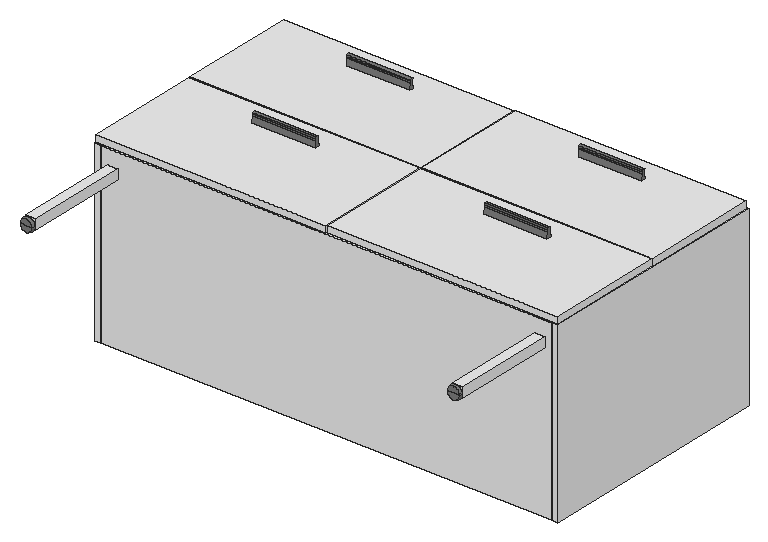
Revit family "WashbasinUnit-120cm-With2Drawers-Vitra-MiaSeries-66078+66079+66098", category Furniture Systems, host Face, Revit 2017
Family settings
  Host = Face
  Round Connector Dimension = Use Diameter
  Part Type = Normal
  OmniClass Number = 23.40.00.00
  OmniClass Title = Equipment and Furnishings
  Cut with Voids When Loaded = No
  Shared = Yes
  Room Calculation Point = No
Parameters (values of type "WashbasinUnit-120cm-With2Drawers-Vitra-MiaSeries-66078")
  Youtube = "https://www.youtube.com/user/VitrAglobal"
  Weight Net (kg) = ""
  Warranty Period (Year) = "2"
  Uniformat II Description = "FURNISHINGS"
  Uniformat II Code = "E20"
  Uniclass 2015 Name = "Wash basins, sinks and troughs"
  Uniclass 2015 Code = "Pr_40_20_93"
  Uniclass 2.0 Description = "Bathroom Cabinets"
  Uniclass 2.0 Code = "PR-35-75-08"
  Uniclass 1.4 Description = "Bathroom Cabinets"
  Uniclass 1.4 Code = "L8241"
  URL = "https://vitraglobal.com/"
  UNSPSC Description = "Bathroom Cabinets"
  UNSPSC Code = "301815"
  Technical description = "https://vitraglobal.com/"
  Tap hole Options (default) = ""
  Specification = ""
  Secondary Material = Metal
  Region South America = "All"
  Region Oceania = "All"
  Region North America = "All"
  Region Middle East = "All"
  Region Europe = "All"
  Region Asia = "All"
  Region Antarctica = "All"
  Region Africa = "All"
  Product url = "https://vitraglobal.com/"
  Product manual = ""
  Product group = "Washbasin Unit"
  Product family = "Mia"
  Product data url = ""
  Product certification = "https://www.vitraglobal.com/brochures/"
  Product SKU = "66078"
  Product Guid = ""
  Primary Material = High Gloss White
  OmniClass Description = "Bathroom Cabinets"
  OmniClass Code = "23-31 25 13"
  Nominal Width (mm) = 1160 mm
  Nominal Height (mm) = 865 mm
  Nominal Depth (mm) = 401.975 mm
  NBS Referans Description = "Bathroom Cabinets"
  NBS Referans Code = "35-75-08"
  Mounting type = "Wall-Hung"
  Model = "66078"
  Masterformat 2014 Description = "Bathroom Unit Modules"
  Masterformat 2014 Code = "13 42 13"
  Manufacturer name = "VitrA"
  Manufacturer = "VitrA"
  Main Material = "Wood"
  Installation instructions = ""
  IFC Classification = "Furniture"
  EAN code = ""
  Design country = "Turkey"
  Description = "Mia Washbasin Unit - 120cm"
  Default Elevation = 580 mm
  Color = "High Gloss White"
  COBIe Type Category = ""
  Brand = "VitrA"
  BIMobject category = "Bathroom compound units"
  Article No. (default) = "66078"
  Accessories (default) = ""
Types (3, lengths in mm): name | Product SKU | Primary Material | Model | Color | Article No. (default)
  WashbasinUnit-120cm-With2Drawers-Vitra-MiaSeries-66078 | "66078" | High Gloss White | "66078" | "High Gloss White" | "66078"
  WashbasinUnit-120cm-With2Drawers-Vitra-MiaSeries-66079 | "66079" | Cordoba | "66079" | "Cordoba" | "66079"
  WashbasinUnit-120cm-With2Drawers-Vitra-MiaSeries-66098 | "66098" | Antracit | "66098" | "Antracit" | "66098"
Reference planes
  plane 1 "Center (Front/Back)": y = 0
  plane 2: z = 0
  plane 3 "Center (Left/Right)": x = -8.77
  plane 4: y = -591.755
  plane 5: y = 273.245
  plane 6: y = -591.755
  plane 7: x = -588.77
  plane 8: x = 571.23
  plane 9: z = 485
Forms (mm)
  Extrusion 1, solid, material "High Gloss White" <- "Primary Material", detail levels fine
    sketch origin (0, 0, 0) x (1, 0, 0) y (0, 1, 0)
      loop
        line (573.23, 275.293) -> (557.23, 275.293) -> (557.23, -320.758) -> (573.23, -320.758) -> (573.23, 275.293)
      loop
        line (-574.77, 275.293) -> (-590.77, 275.293) -> (-590.77, -320.758) -> (-574.77, -320.758) -> (-574.77, 275.293)
    from 0 to 443.97
  Extrusion 2, solid, material "High Gloss White" <- "Primary Material", detail levels fine
    sketch origin (-16.77, 139.245, 221.47) x (0, 0, 1) y (1, 0, 0)
      loop
        line (-221.5, 16) -> (-221.5, 0) -> (221.5, 0) -> (221.5, 16) -> (-221.5, 16)
    from 0 to -443.5
  Extrusion 3, solid, material "High Gloss White" <- "Primary Material", detail levels fine
    sketch origin (-574.77, -320.255, 222.47) x (0, 0, 1) y (1, 0, 0)
      loop
        line (221.5, 1132) -> (-221.5, 1132) -> (-221.5, 0) -> (221.5, 0) -> (221.5, 1132)
    from 0 to 16
  Extrusion 4, solid, material "High Gloss White" <- "Primary Material", detail levels fine
    sketch origin (-8.77, 0, 0) x (0, 1, 0) y (0, 0, 1)
      loop
        line (9.285, 76.004) -> (-125.715, 76.004) -> (-125.715, 60.004) -> (9.285, 60.004) -> (9.285, 76.004)
    from 8 to 566
  Extrusion 5, solid, material "High Gloss White" <- "Primary Material", detail levels fine
    sketch origin (-588.77, 0, 0) x (0, 1, 0) y (0, 0, 1)
      loop
        line (9.285, 76.004) -> (-125.715, 76.004) -> (-125.715, 60.004) -> (9.285, 60.004) -> (9.285, 76.004)
    from 14 to 572
  Extrusion 6, solid, material "High Gloss White" <- "Primary Material", detail levels fine
    sketch origin (-8.77, 0, 0) x (0, 1, 0) y (0, 0, 1)
      loop
        line (-577.255, 406.65) -> (-577.255, 381.47) -> (-320.255, 381.47) -> (-320.255, 406.65) -> (-577.255, 406.65)
    from 523.5 to 548.5
  Extrusion 7, solid, material "High Gloss White" <- "Primary Material", detail levels fine
    sketch origin (-1082.27, 0, 0) x (0, 1, 0) y (0, 0, 1)
      loop
        line (-577.255, 406.65) -> (-577.255, 381.47) -> (-320.255, 381.47) -> (-320.255, 406.65) -> (-577.255, 406.65)
    from 525 to 550
  Revolve 8, solid, material "Metal" <- "Secondary Material", detail levels fine
    sketch origin (0, 0, 393.75) x (1, 0, 0) y (0, 1, 0)
      loop
        line (527.23, -577.255) -> (527.23, -591.755) -> (542.23, -591.755) -> (543.828, -585.794) -> (532.946, -579.255) -> (532.946, -577.255) -> (527.23, -577.255)
      axis (527.23, -577.255) -> (527.23, -591.755)
    angle from 0 to 360
  Revolve 9, solid, material "Metal" <- "Secondary Material", detail levels fine
    sketch origin (-17.539, 0, 393.75) x (-1, 0, 0) y (0, -1, 0)
      loop
        line (527.23, 577.255) -> (532.946, 577.255) -> (532.946, 579.255) -> (543.828, 585.794) -> (542.23, 591.755) -> (527.23, 591.755) -> (527.23, 577.255)
      axis (527.23, 577.255) -> (527.23, 591.755)
    angle from 0 to 360
  Extrusion 10, solid, material "High Gloss White" <- "Primary Material", detail levels fine
    sketch origin (-299.77, -318.76, 461.93) x (1, 0, 0) y (0, 1, 0.000115)
      loop
        line (289, 0) -> (289, 293) -> (-289, 293) -> (-289, 0) -> (289, 0)
      loop
        line (289, 589) -> (-289, 589) -> (-289, 296) -> (289, 296) -> (289, 589)
      loop
        line (871, 293) -> (293, 293) -> (293, 0) -> (871, 0) -> (871, 293)
      loop
        line (871, 589) -> (293, 589) -> (293, 296) -> (871, 296) -> (871, 589)
    from 0 to -16
  Extrusion 11, solid, material "Metal" <- "Secondary Material", detail levels fine
    sketch origin (-8.77, 0, 0) x (0, 1, 0) y (0, 0, 1)
      loop
        line (-80.76, 461.971) -> (-83.598, 476.805)
        arc (-83.598, 476.805) -> (-83.773, 478.964) -> (-83.478, 481.109) r 10
        line (-83.478, 481.109) -> (-82.263, 485.97) -> (-89.263, 485.97) -> (-88.047, 481.108)
        arc (-88.047, 481.108) -> (-87.752, 478.963) -> (-87.926, 476.805) r 10
        line (-87.926, 476.805) -> (-90.76, 461.969) -> (-80.76, 461.971)
    from 211.5 to 370.5
  Extrusion 12, solid, material "Metal" <- "Secondary Material", detail levels fine
    sketch origin (-8.77, 296.121, 0) x (0, 1, 0) y (0, 0, 1)
      loop
        line (-80.76, 461.971) -> (-83.598, 476.805)
        arc (-83.598, 476.805) -> (-83.773, 478.964) -> (-83.478, 481.109) r 10
        line (-83.478, 481.109) -> (-82.263, 485.97) -> (-89.263, 485.97) -> (-88.047, 481.108)
        arc (-88.047, 481.108) -> (-87.752, 478.963) -> (-87.926, 476.805) r 10
        line (-87.926, 476.805) -> (-90.76, 461.969) -> (-80.76, 461.971)
    from 211.5 to 370.5
  Extrusion 13, solid, material "Metal" <- "Secondary Material", detail levels fine
    sketch origin (-590.77, 0, 0) x (0, 1, 0) y (0, 0, 1)
      loop
        line (-80.76, 461.971) -> (-83.598, 476.805)
        arc (-83.598, 476.805) -> (-83.773, 478.964) -> (-83.478, 481.109) r 10
        line (-83.478, 481.109) -> (-82.263, 485.97) -> (-89.263, 485.97) -> (-88.047, 481.108)
        arc (-88.047, 481.108) -> (-87.752, 478.963) -> (-87.926, 476.805) r 10
        line (-87.926, 476.805) -> (-90.76, 461.969) -> (-80.76, 461.971)
    from 211.5 to 370.5
  Extrusion 14, solid, material "Metal" <- "Secondary Material", detail levels fine
    sketch origin (-590.77, 296.121, 0) x (0, 1, 0) y (0, 0, 1)
      loop
        line (-80.76, 461.971) -> (-83.598, 476.805)
        arc (-83.598, 476.805) -> (-83.773, 478.964) -> (-83.478, 481.109) r 10
        line (-83.478, 481.109) -> (-82.263, 485.97) -> (-89.263, 485.97) -> (-88.047, 481.108)
        arc (-88.047, 481.108) -> (-87.752, 478.963) -> (-87.926, 476.805) r 10
        line (-87.926, 476.805) -> (-90.76, 461.969) -> (-80.76, 461.971)
    from 211.5 to 370.5
  Extrusion 15, solid, material "High Gloss White" <- "Primary Material", detail levels fine
    sketch origin (-8.77, 0, 0) x (0, 1, 0) y (0, 0, 1)
      loop
        line (274.244, 427.038) -> (274.244, 442.97) -> (139.245, 442.97) -> (139.245, 427.038) -> (274.244, 427.038)
    from -566 to 566
  Extrusion 16, solid, material "High Gloss White" <- "Primary Material", detail levels fine
    sketch origin (-566.77, 125.259, 295.964) x (0, 0.000115, -1) y (1, 0, 0)
      loop
        line (-150, 12) -> (-150, 0) -> (150, 0) -> (150, 201) -> (138, 201) -> (138, 12) -> (-150, 12)
      loop
        line (138, 341) -> (150, 341) -> (150, 542) -> (-150, 542) -> (-150, 530) -> (138, 530) -> (138, 341)
      loop
        line (-150, 586) -> (-150, 574) -> (150, 574) -> (150, 775) -> (138, 775) -> (138, 586) -> (-150, 586)
      loop
        line (138, 915) -> (150, 915) -> (150, 1116) -> (-150, 1116) -> (-150, 1104) -> (138, 1104) -> (138, 915)
    from 0 to 92
  Extrusion 17, solid, material "High Gloss White" <- "Primary Material", detail levels fine
    sketch origin (14.23, 33.258, 303.453) x (0, -0.000115, 1) y (-1, 0, 0)
      loop
        arc (-8, -195.5) -> (27.355, -210.145) -> (42, -245.5) r 50
        line (42, -245.5) -> (42, -284)
        arc (42, -284) -> (27.355, -319.355) -> (-8, -334) r 50
        line (-8, -334) -> (-157.5, -334) -> (-157.5, -535) -> (142.518, -535) -> (142.518, 7) -> (-157.5, 7) -> (-157.5, -195.5) -> (-8, -195.5)
      loop
        line (-8, 241.5) -> (-157.5, 241.5) -> (-157.5, 39) -> (142.518, 39) -> (142.518, 581) -> (-157.5, 581) -> (-157.5, 380) -> (-8, 380)
        arc (-8, 380) -> (27.355, 365.355) -> (42, 330) r 50
        line (42, 330) -> (42, 291.5)
        arc (42, 291.5) -> (27.355, 256.145) -> (-8, 241.5) r 50
    from 0 to 8
  Extrusion 18, solid, material "High Gloss White" <- "Primary Material", detail levels fine
    sketch origin (-566.77, -169.116, 295.964) x (0, 0.000115, -1) y (1, 0, 0)
      loop
        line (-150, 12) -> (-150, 0) -> (150, 0) -> (150, 542) -> (-150, 542) -> (-150, 530) -> (138, 530) -> (138, 12) -> (-150, 12)
      loop
        line (-150, 586) -> (-150, 574) -> (150, 574) -> (150, 1116) -> (-150, 1116) -> (-150, 1104) -> (138, 1104) -> (138, 586) -> (-150, 586)
    from 0 to 92
  Extrusion 19, solid, material "High Gloss White" <- "Primary Material", detail levels fine
    sketch origin (14.23, -261.117, 303.453) x (0, -0.000115, 1) y (-1, 0, 0)
      loop
        line (-157.5, -535) -> (142.518, -535) -> (142.518, 7) -> (-157.5, 7) -> (-157.5, -535)
      loop
        line (-157.5, 39) -> (142.518, 39) -> (142.518, 581) -> (-157.5, 581) -> (-157.5, 39)
    from 0 to 8
  Extrusion 20, solid, detail levels medium
    sketch origin (0, 0, 0) x (1, 0, 0) y (0, 1, 0)
      loop
        line (573.23, 275.293) -> (-590.77, 275.293) -> (-590.77, -320.758) -> (573.23, -320.758) -> (573.23, 275.293)
    from 0 to 461.964
  Extrusion 21, solid, detail levels medium
    sketch origin (0, 0, 0) x (1, 0, 0) y (0, 1, 0)
      loop
        line (-532.27, -320.255) -> (-557.27, -320.255) -> (-557.27, -591.755) -> (-532.27, -591.755) -> (-532.27, -320.255)
      loop
        line (514.73, -320.255) -> (514.73, -591.755) -> (539.73, -591.755) -> (539.73, -320.255) -> (514.73, -320.255)
    from 381.47 to 406.65
  Extrusion 22, solid, detail levels coarse
    sketch origin (0, 0, 0) x (1, 0, 0) y (0, 1, 0)
      loop
        line (573.23, 275.293) -> (-588.77, 275.293) -> (-588.77, -591.755) -> (573.23, -591.755) -> (573.23, 275.293)
    from 0 to 485
Dimensions and locks
  "Nominal Height (mm)": plane 5 to plane 6
  "Nominal Width (mm)": plane 7 to plane 8
  plane 9 to level = 485 mm
  aligned and locked: plane 2 to host face
  aligned and locked: level to host face
Automatic sketch dimensions
  host sketch curve to host sketch curve = 2438.4 mm  (x2)
  plane 7 to Extrusion 1 sketch curve = 2 mm
  Extrusion 1 sketch curve to plane 7 = 14 mm
  plane 5 to Extrusion 1 sketch curve = 2.048 mm  (x2)
  plane 8 to Extrusion 1 sketch curve = 14 mm
  Extrusion 1 sketch curve to plane 8 = 2 mm
  plane 4 to Extrusion 1 sketch curve = 270.997 mm  (x2)
  plane 1 "Center (Front/Back)" to Extrusion 4 sketch curve = 125.715 mm
  Extrusion 4 sketch curve to plane 1 "Center (Front/Back)" = 9.285 mm
  level to Extrusion 4 sketch curve = 60.004 mm
  Extrusion 4 sketch curve to Extrusion 4 sketch curve = 16 mm
  plane 1 "Center (Front/Back)" to Extrusion 5 sketch curve = 125.715 mm
  Extrusion 5 sketch curve to plane 1 "Center (Front/Back)" = 9.285 mm
  level to Extrusion 5 sketch curve = 60.004 mm
  Extrusion 5 sketch curve to Extrusion 5 sketch curve = 16 mm
  plane 4 to Extrusion 6 sketch curve = 14.5 mm
  Extrusion 6 sketch curve to plane 9 = 103.53 mm
  Extrusion 6 sketch curve to Extrusion 6 sketch curve = 257 mm
  Extrusion 6 sketch curve to Extrusion 6 sketch curve = 25.18 mm
  plane 4 to Extrusion 7 sketch curve = 14.5 mm
  Extrusion 7 sketch curve to plane 9 = 103.53 mm
  Extrusion 7 sketch curve to Extrusion 7 sketch curve = 257 mm
  Extrusion 7 sketch curve to Extrusion 7 sketch curve = 25.18 mm
  Revolve 8 sketch curve to plane 4 = 0 mm
  plane 4 to Revolve 8 sketch curve = 14.5 mm
  plane 8 to Revolve 8 sketch curve = 44 mm
  Revolve 8 sketch curve to Revolve 8 sketch curve = 5.716 mm
  Revolve 8 sketch curve to Revolve 8 sketch curve = 15 mm
  plane 4 to Revolve 8 sketch curve = 5.962 mm
  Revolve 8 sketch curve to Revolve 8 sketch curve = 1.597 mm
  Revolve 8 sketch curve to Revolve 8 sketch curve = 2 mm
  Revolve 8 sketch curve to Revolve 8 sketch curve = 0 mm
  Revolve 8 sketch curve to Revolve 8 sketch curve = 5.656 mm
  Revolve 8 sketch curve to Revolve 8 sketch curve = 2.379 mm
  Revolve 9 sketch curve to plane 4 = 0 mm
  plane 4 to Revolve 9 sketch curve = 14.5 mm
  Revolve 9 sketch curve to plane 7 = 44 mm
  Revolve 9 sketch curve to Revolve 9 sketch curve = 5.716 mm
  Revolve 9 sketch curve to Revolve 9 sketch curve = 15 mm
  plane 4 to Revolve 9 sketch curve = 5.962 mm
  Revolve 9 sketch curve to Revolve 9 sketch curve = 1.597 mm
  Revolve 9 sketch curve to Revolve 9 sketch curve = 2 mm
  Revolve 9 sketch curve to Revolve 9 sketch curve = 0 mm
  Revolve 9 sketch curve to Revolve 9 sketch curve = 3.277 mm
  Revolve 9 sketch curve to Revolve 9 sketch curve = 2.379 mm
  Extrusion 10 sketch curve to Extrusion 10 sketch curve = 578 mm
  Extrusion 10 sketch curve to Extrusion 10 sketch curve = 0 mm  (x3)
  Extrusion 10 sketch curve to Extrusion 10 sketch curve = 3 mm  (x2)
  Extrusion 10 sketch curve to Extrusion 10 sketch curve = 293 mm  (x3)
  Extrusion 11 sketch curve to plane 9 = 6.318 mm
  plane 1 "Center (Front/Back)" to Extrusion 11 sketch curve = 97.748 mm
  Extrusion 11 sketch curve to plane 9 = 23.031 mm
  Extrusion 11 sketch curve to Extrusion 11 sketch curve = 6.988 mm
  plane 9 to Extrusion 11 sketch curve = 0.97 mm  (x2)
  Extrusion 11 sketch curve to Extrusion 11 sketch curve = 8.485 mm
  Extrusion 11 sketch curve to plane 9 = 3.892 mm
  Extrusion 11 sketch curve to Extrusion 11 sketch curve = 1.216 mm
  Extrusion 11 sketch curve to plane 9 = 8.195 mm  (x2)
  Extrusion 11 sketch curve to Extrusion 11 sketch curve = 4.328 mm
  Extrusion 11 sketch curve to plane 9 = 3.891 mm
  Extrusion 11 sketch curve to Extrusion 11 sketch curve = 0.12 mm
  Extrusion 11 sketch curve to Extrusion 11 sketch curve = 1.215 mm
  Extrusion 11 sketch curve to plane 9 = 23.029 mm
  Extrusion 11 sketch curve to Extrusion 11 sketch curve = 10 mm
  Extrusion 11 sketch curve to plane 9 = 6.316 mm
  Extrusion 12 sketch curve to plane 9 = 6.318 mm
  Extrusion 12 sketch curve to plane 5 = 74.872 mm
  Extrusion 12 sketch curve to plane 9 = 23.031 mm
  Extrusion 12 sketch curve to Extrusion 12 sketch curve = 6.988 mm
  plane 9 to Extrusion 12 sketch curve = 0.97 mm  (x2)
  Extrusion 12 sketch curve to Extrusion 12 sketch curve = 8.485 mm
  Extrusion 12 sketch curve to plane 9 = 3.892 mm
  Extrusion 12 sketch curve to Extrusion 12 sketch curve = 1.216 mm
  Extrusion 12 sketch curve to plane 9 = 8.195 mm  (x2)
  Extrusion 12 sketch curve to Extrusion 12 sketch curve = 4.328 mm
  Extrusion 12 sketch curve to plane 9 = 3.891 mm
  Extrusion 12 sketch curve to Extrusion 12 sketch curve = 0.12 mm
  Extrusion 12 sketch curve to Extrusion 12 sketch curve = 1.215 mm
  Extrusion 12 sketch curve to plane 9 = 23.029 mm
  Extrusion 12 sketch curve to Extrusion 12 sketch curve = 10 mm
  Extrusion 12 sketch curve to plane 9 = 6.316 mm
  Extrusion 13 sketch curve to plane 9 = 6.318 mm
  plane 1 "Center (Front/Back)" to Extrusion 13 sketch curve = 97.748 mm
  Extrusion 13 sketch curve to plane 9 = 23.031 mm
  Extrusion 13 sketch curve to Extrusion 13 sketch curve = 6.988 mm
  plane 9 to Extrusion 13 sketch curve = 0.97 mm  (x2)
  Extrusion 13 sketch curve to Extrusion 13 sketch curve = 8.485 mm
  Extrusion 13 sketch curve to plane 9 = 3.892 mm
  Extrusion 13 sketch curve to Extrusion 13 sketch curve = 1.216 mm
  Extrusion 13 sketch curve to plane 9 = 8.195 mm  (x2)
  Extrusion 13 sketch curve to Extrusion 13 sketch curve = 4.328 mm
  Extrusion 13 sketch curve to plane 9 = 3.891 mm
  Extrusion 13 sketch curve to Extrusion 13 sketch curve = 0.12 mm
  Extrusion 13 sketch curve to Extrusion 13 sketch curve = 1.215 mm
  Extrusion 13 sketch curve to plane 9 = 23.029 mm
  Extrusion 13 sketch curve to Extrusion 13 sketch curve = 10 mm
  Extrusion 13 sketch curve to plane 9 = 6.316 mm
  Extrusion 14 sketch curve to plane 9 = 6.318 mm
  Extrusion 14 sketch curve to plane 5 = 74.872 mm
  Extrusion 14 sketch curve to plane 9 = 23.031 mm
  Extrusion 14 sketch curve to Extrusion 14 sketch curve = 6.988 mm
  plane 9 to Extrusion 14 sketch curve = 0.97 mm  (x2)
  Extrusion 14 sketch curve to Extrusion 14 sketch curve = 8.485 mm
  Extrusion 14 sketch curve to plane 9 = 3.892 mm
  Extrusion 14 sketch curve to Extrusion 14 sketch curve = 1.216 mm
  Extrusion 14 sketch curve to plane 9 = 8.195 mm  (x2)
  Extrusion 14 sketch curve to Extrusion 14 sketch curve = 4.328 mm
  Extrusion 14 sketch curve to plane 9 = 3.891 mm
  Extrusion 14 sketch curve to Extrusion 14 sketch curve = 0.12 mm
  Extrusion 14 sketch curve to Extrusion 14 sketch curve = 1.215 mm
  Extrusion 14 sketch curve to plane 9 = 23.029 mm
  Extrusion 14 sketch curve to Extrusion 14 sketch curve = 10 mm
  Extrusion 14 sketch curve to plane 9 = 6.316 mm
  Extrusion 15 sketch curve to plane 9 = 57.962 mm
  Extrusion 15 sketch curve to plane 5 = 134 mm
  plane 5 to Extrusion 15 sketch curve = 0.999 mm
  Extrusion 15 sketch curve to Extrusion 15 sketch curve = 15.932 mm
  Extrusion 16 sketch curve to Extrusion 16 sketch curve = 189 mm  (x3)
  Extrusion 16 sketch curve to Extrusion 16 sketch curve = 12 mm  (x8)
  Extrusion 16 sketch curve to Extrusion 16 sketch curve = 32 mm
  Extrusion 16 sketch curve to Extrusion 16 sketch curve = 140 mm  (x2)
  Extrusion 17 sketch curve to Extrusion 17 sketch curve = 0 mm  (x5)
  Extrusion 17 sketch curve to Extrusion 17 sketch curve = 32 mm
  Extrusion 17 sketch curve to Extrusion 17 sketch curve = 38.5 mm
  Extrusion 17 sketch curve to Extrusion 17 sketch curve = 201 mm
  Extrusion 18 sketch curve to plane 7 = 34 mm
  Extrusion 18 sketch curve to plane 3 "Center (Left/Right)" = 28 mm
  Extrusion 18 sketch curve to Extrusion 18 sketch curve = 0 mm  (x4)
  plane 8 to Extrusion 18 sketch curve = 34 mm
  Extrusion 18 sketch curve to Extrusion 18 sketch curve = 288 mm
  Extrusion 18 sketch curve to Extrusion 18 sketch curve = 12 mm  (x6)
  plane 3 "Center (Left/Right)" to Extrusion 18 sketch curve = 16 mm
  Extrusion 19 sketch curve to plane 7 = 22 mm
  plane 8 to Extrusion 19 sketch curve = 22 mm
  plane 3 "Center (Left/Right)" to Extrusion 19 sketch curve = 16 mm
  Extrusion 19 sketch curve to plane 3 "Center (Left/Right)" = 16 mm
  Extrusion 19 sketch curve to Extrusion 19 sketch curve = 0 mm  (x2)
  Extrusion 19 sketch curve to Extrusion 19 sketch curve = 300.018 mm
  Extrusion 2 sketch curve to level = 0.03 mm
  Extrusion 2 sketch curve to plane 3 "Center (Left/Right)" = 8 mm
  Extrusion 2 sketch curve to plane 9 = 42.03 mm
  plane 3 "Center (Left/Right)" to Extrusion 2 sketch curve = 8 mm
  level to Extrusion 3 sketch curve = 0.97 mm
  Extrusion 3 sketch curve to plane 7 = 14 mm
  Extrusion 3 sketch curve to plane 9 = 41.03 mm
  plane 8 to Extrusion 3 sketch curve = 14 mm
  Extrusion 10 sketch curve to plane 7 = 0 mm  (x2)
  Extrusion 10 sketch curve to plane 8 = 0 mm
  Extrusion 10 sketch curve to plane 3 "Center (Left/Right)" = 2 mm  (x2)
  plane 3 "Center (Left/Right)" to Extrusion 10 sketch curve = 2 mm
  Extrusion 16 sketch curve to plane 7 = 34 mm
  Extrusion 16 sketch curve to plane 3 "Center (Left/Right)" = 28 mm
  Extrusion 16 sketch curve to Extrusion 16 sketch curve = 0 mm  (x5)
  Extrusion 16 sketch curve to Extrusion 16 sketch curve = 288 mm  (x2)
  Extrusion 17 sketch curve to plane 7 = 22 mm
  plane 3 "Center (Left/Right)" to Extrusion 17 sketch curve = 218.5 mm
  Extrusion 17 sketch curve to Extrusion 17 sketch curve = 149.5 mm  (x2)
  Extrusion 17 sketch curve to Extrusion 17 sketch curve = 50 mm  (x2)
  Extrusion 17 sketch curve to Extrusion 17 sketch curve = 150.518 mm  (x2)
  plane 8 to Extrusion 17 sketch curve = 22 mm
  Extrusion 17 sketch curve to Extrusion 17 sketch curve = 138.5 mm
  plane 3 "Center (Left/Right)" to Extrusion 17 sketch curve = 16 mm
  plane 7 to Extrusion 20 sketch curve = 2 mm
  Extrusion 20 sketch curve to plane 8 = 2 mm
  plane 4 to Extrusion 20 sketch curve = 270.997 mm
  plane 5 to Extrusion 20 sketch curve = 2.048 mm
  Extrusion 21 sketch curve to plane 4 = 0 mm  (x2)
  Extrusion 21 sketch curve to plane 7 = 31.5 mm
  Extrusion 21 sketch curve to Extrusion 21 sketch curve = 25 mm  (x2)
  plane 8 to Extrusion 21 sketch curve = 56.5 mm
  Extrusion 21 sketch curve to Extrusion 21 sketch curve = 271.5 mm
  plane 4 to Extrusion 21 sketch curve = 271.5 mm
  Extrusion 22 sketch curve to plane 7 = 0 mm
  Extrusion 22 sketch curve to plane 4 = 0 mm
  Extrusion 22 sketch curve to plane 8 = 2 mm
  plane 5 to Extrusion 22 sketch curve = 2.048 mm
